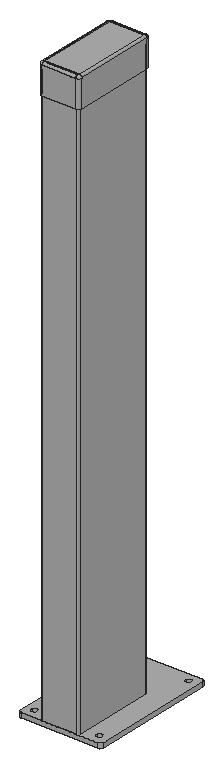
Revit family "Endestolpe bunnplate_venstre", category Balusters, Revit 2019
Family settings
  OmniClass Number = 23.30.80.11.11.14
  OmniClass Title = Posts, Newel Posts, Pickets
  Always vertical = Yes
  Cut with Voids When Loaded = No
  Shared = No
Parameters (values of type "Endestolpe bunnplate_venstre")
  built-in parameter 1008623 [instance] = (empty or 0)
  built-in parameter 1008625 [instance] = (empty or 0)
  Post = no
  Material = Stål 316
  built-in parameter 1008624 [instance] = (empty or 0)
  built-in parameter 1008622 [instance] = 750 mm
Types (2, lengths in mm): name | Material
  Endestolpe bunnplate_venstre | Stål 316
  Endestolpe bunnplate_venstre_sort | Pulverlakkert stål RAL 7021
Reference planes
  plane 1 "Center (Front/Back)": y = 0
  plane 2: z = 0
  plane 3 "Center (Left/Right)": x = 0
  plane 4 "Top": z = 750
  plane 5 "Top of Post": z = 1010
Forms (mm)
  Extrusion 1, solid, material "Stål 316" <- "Material"
    sketch origin (0, 37.5, 0) x (1, 0, 0) y (0, 1, 0)
      loop
        arc (-70, -105) -> (-68.536, -108.536) -> (-65, -110) r 5
        line (-65, -110) -> (65, -110)
        arc (65, -110) -> (68.536, -108.536) -> (70, -105) r 5
        line (70, -105) -> (70, 105)
        arc (70, 105) -> (68.536, 108.536) -> (65, 110) r 5
        line (65, 110) -> (28.5, 110) -> (-28.5, 110) -> (-65, 110)
        arc (-65, 110) -> (-68.536, 108.536) -> (-70, 105) r 5
        line (-70, 105) -> (-70, -105)
      loop
        circle (-55, 95) r 5
      loop
        circle (55, 95) r 5
      loop
        circle (55, -95) r 5
      loop
        circle (-55, -95) r 5
    from 0 to 8
  Extrusion 2, solid, material "Stål 316" <- "Material"
    sketch origin (0, 37.5, 0) x (1, 0, 0) y (0, 1, 0)
      loop
        arc (-32, -106.5) -> (-30.975, -108.975) -> (-28.5, -110) r 3.5
        line (-28.5, -110) -> (28.5, -110)
        arc (28.5, -110) -> (30.975, -108.975) -> (32, -106.5) r 3.5
        line (32, -106.5) -> (32, 31.5)
        arc (32, 31.5) -> (30.975, 33.975) -> (28.5, 35) r 3.5
        line (28.5, 35) -> (16.5, 35)
        arc (16.5, 35) -> (14.025, 33.975) -> (13, 31.5) r 3.5
        line (13, 31.5) -> (13, -0.5)
        arc (13, -0.5) -> (12.561, -1.561) -> (11.5, -2) r 1.5
        line (11.5, -2) -> (-11.5, -2)
        arc (-11.5, -2) -> (-12.561, -1.561) -> (-13, -0.5) r 1.5
        line (-13, -0.5) -> (-13, 31.5)
        arc (-13, 31.5) -> (-14.025, 33.975) -> (-16.5, 35) r 3.5
        line (-16.5, 35) -> (-28.5, 35)
        arc (-28.5, 35) -> (-30.975, 33.975) -> (-32, 31.5) r 3.5
        line (-32, 31.5) -> (-32, -106.5)
      loop
        line (-30, 31.5) -> (-30, -106.5)
        arc (-30, -106.5) -> (-29.561, -107.561) -> (-28.5, -108) r 1.5
        line (-28.5, -108) -> (28.5, -108)
        arc (28.5, -108) -> (29.561, -107.561) -> (30, -106.5) r 1.5
        line (30, -106.5) -> (30, 31.5)
        arc (30, 31.5) -> (29.561, 32.561) -> (28.5, 33) r 1.5
        line (28.5, 33) -> (16.5, 33)
        arc (16.5, 33) -> (15.439, 32.561) -> (15, 31.5) r 1.5
        line (15, 31.5) -> (15, -0.5)
        arc (15, -0.5) -> (13.975, -2.975) -> (11.5, -4) r 3.5
        line (11.5, -4) -> (-11.5, -4)
        arc (-11.5, -4) -> (-13.975, -2.975) -> (-15, -0.5) r 3.5
        line (-15, -0.5) -> (-15, 31.5)
        arc (-15, 31.5) -> (-15.439, 32.561) -> (-16.5, 33) r 1.5
        line (-16.5, 33) -> (-28.5, 33)
        arc (-28.5, 33) -> (-29.561, 32.561) -> (-30, 31.5) r 1.5
    from 8 to 1008
  Extrusion 3, solid, material "Stål 316" <- "Material"
    sketch origin (0, 0, 0) x (-1, 0, 0) y (0, -1, 0)
      loop
        arc (-32, 69) -> (-30.975, 71.475) -> (-28.5, 72.5) r 3.5
        line (-28.5, 72.5) -> (28.5, 72.5)
        arc (28.5, 72.5) -> (30.975, 71.475) -> (32, 69) r 3.5
        line (32, 69) -> (32, -69)
        arc (32, -69) -> (30.975, -71.475) -> (28.5, -72.5) r 3.5
        line (28.5, -72.5) -> (13, -72.5) -> (13, -74.5) -> (28.5, -74.5)
        arc (28.5, -74.5) -> (32.389, -72.889) -> (34, -69) r 5.5
        line (34, -69) -> (34, 69)
        arc (34, 69) -> (32.389, 72.889) -> (28.5, 74.5) r 5.5
        line (28.5, 74.5) -> (-28.5, 74.5)
        arc (-28.5, 74.5) -> (-32.389, 72.889) -> (-34, 69) r 5.5
        line (-34, 69) -> (-34, -69)
        arc (-34, -69) -> (-32.389, -72.889) -> (-28.5, -74.5) r 5.5
        line (-28.5, -74.5) -> (-13, -74.5) -> (-13, -72.5) -> (-28.5, -72.5)
        arc (-28.5, -72.5) -> (-30.975, -71.475) -> (-32, -69) r 3.5
        line (-32, -69) -> (-32, 69)
    from 960 to 1006
  Extrusion 4, solid, material "Stål 316" <- "Material"
    sketch origin (0, 69, 0) x (1, 0, 0) y (0, 0, 1)
      loop
        arc (-30, 1010) -> (-32.828, 1008.828) -> (-34, 1006) r 4
        line (-34, 1006) -> (-32, 1006)
        arc (-32, 1006) -> (-31.414, 1007.414) -> (-30, 1008) r 2
        line (-30, 1008) -> (30, 1008)
        arc (30, 1008) -> (31.414, 1007.414) -> (32, 1006) r 2
        line (32, 1006) -> (34, 1006)
        arc (34, 1006) -> (32.828, 1008.828) -> (30, 1010) r 4
        line (30, 1010) -> (-30, 1010)
    from 0 to 138
  Revolve 5, solid, material "Stål 316" <- "Material"
    sketch origin (0, 69, 0) x (1, 0, 0) y (0, 0, 1)
      loop
        line (28.5, 1006) -> (34, 1006)
        arc (34, 1006) -> (32.828, 1008.828) -> (30, 1010) r 4
        line (30, 1010) -> (28.5, 1010) -> (28.5, 1006)
      axis (28.5, 1006) -> (28.5, 1010)
    angle from 0 to 90
  Revolve 6, solid, material "Stål 316" <- "Material"
    sketch origin (0, 69, 0) x (-1, 0, 0) y (0, 0, -1)
      loop
        line (28.5, -1006) -> (28.5, -1010) -> (30, -1010)
        arc (30, -1010) -> (32.828, -1008.828) -> (34, -1006) r 4
        line (34, -1006) -> (28.5, -1006)
      axis (28.5, -1006) -> (28.5, -1010)
    angle from 0 to 90
  Revolve 7, solid, material "Stål 316" <- "Material"
    sketch origin (0, -69, 0) x (1, 0, 0) y (0, 0, -1)
      loop
        line (28.5, -1006) -> (28.5, -1010) -> (30, -1010)
        arc (30, -1010) -> (32.828, -1008.828) -> (34, -1006) r 4
        line (34, -1006) -> (28.5, -1006)
      axis (28.5, -1006) -> (28.5, -1010)
    angle from 0 to 90
  Revolve 8, solid, material "Stål 316" <- "Material"
    sketch origin (0, -69, 0) x (-1, 0, 0) y (0, 0, 1)
      loop
        line (28.5, 1006) -> (34, 1006)
        arc (34, 1006) -> (32.828, 1008.828) -> (30, 1010) r 4
        line (30, 1010) -> (28.5, 1010) -> (28.5, 1006)
      axis (28.5, 1006) -> (28.5, 1010)
    angle from 0 to 90
  Extrusion 9, solid, material "Stål 316" <- "Material"
    sketch origin (28.5, 69, 1006) x (0, 0, 1) y (0, 1, 0)
      loop
        arc (4, 1.5) -> (2.828, 4.328) -> (0, 5.5) r 4
        line (0, 5.5) -> (0, 0) -> (4, 0) -> (4, 1.5)
    from 0 to 57
  Extrusion 10, solid, material "Stål 316" <- "Material"
    sketch origin (28.5, -69, 1006) x (0, 0, 1) y (0, 1, 0)
      loop
        line (4, -1.5) -> (4, 0) -> (0, 0) -> (0, -5.5)
        arc (0, -5.5) -> (2.828, -4.328) -> (4, -1.5) r 4
    from 0 to 57
  Extrusion 11, solid, material "Stål 316" <- "Material", not visible
    sketch origin (0, 0, 0) x (1, 0, 0) y (0, 1, 0)
      loop
        arc (-32, 69) -> (-30.975, 71.475) -> (-28.5, 72.5) r 3.5
        line (-28.5, 72.5) -> (28.5, 72.5)
        arc (28.5, 72.5) -> (30.975, 71.475) -> (32, 69) r 3.5
        line (32, 69) -> (32, -69)
        arc (32, -69) -> (30.975, -71.475) -> (28.5, -72.5) r 3.5
        line (28.5, -72.5) -> (13, -72.5) -> (13, -74.5) -> (28.5, -74.5)
        arc (28.5, -74.5) -> (32.389, -72.889) -> (34, -69) r 5.5
        line (34, -69) -> (34, 69)
        arc (34, 69) -> (32.389, 72.889) -> (28.5, 74.5) r 5.5
        line (28.5, 74.5) -> (-28.5, 74.5)
        arc (-28.5, 74.5) -> (-32.389, 72.889) -> (-34, 69) r 5.5
        line (-34, 69) -> (-34, -69)
        arc (-34, -69) -> (-32.389, -72.889) -> (-28.5, -74.5) r 5.5
        line (-28.5, -74.5) -> (-13, -74.5) -> (-13, -72.5) -> (-28.5, -72.5)
        arc (-28.5, -72.5) -> (-30.975, -71.475) -> (-32, -69) r 3.5
        line (-32, -69) -> (-32, 69)
    from 960 to 1006
  Extrusion 12, solid, material "Stål 316" <- "Material", not visible
    sketch origin (0, -69, 0) x (-1, 0, 0) y (0, 0, 1)
      loop
        arc (-30, 1010) -> (-32.828, 1008.828) -> (-34, 1006) r 4
        line (-34, 1006) -> (-32, 1006)
        arc (-32, 1006) -> (-31.414, 1007.414) -> (-30, 1008) r 2
        line (-30, 1008) -> (30, 1008)
        arc (30, 1008) -> (31.414, 1007.414) -> (32, 1006) r 2
        line (32, 1006) -> (34, 1006)
        arc (34, 1006) -> (32.828, 1008.828) -> (30, 1010) r 4
        line (30, 1010) -> (-30, 1010)
    from 0 to 138
  Revolve 13, solid, material "Stål 316" <- "Material", not visible
    sketch origin (0, -69, 0) x (-1, 0, 0) y (0, 0, 1)
      loop
        line (28.5, 1006) -> (34, 1006)
        arc (34, 1006) -> (32.828, 1008.828) -> (30, 1010) r 4
        line (30, 1010) -> (28.5, 1010) -> (28.5, 1006)
      axis (28.5, 1006) -> (28.5, 1010)
    angle from 0 to 90
  Revolve 14, solid, material "Stål 316" <- "Material", not visible
    sketch origin (0, -69, 0) x (1, 0, 0) y (0, 0, -1)
      loop
        line (28.5, -1006) -> (28.5, -1010) -> (30, -1010)
        arc (30, -1010) -> (32.828, -1008.828) -> (34, -1006) r 4
        line (34, -1006) -> (28.5, -1006)
      axis (28.5, -1006) -> (28.5, -1010)
    angle from 0 to 90
  Revolve 15, solid, material "Stål 316" <- "Material", not visible
    sketch origin (0, 69, 0) x (-1, 0, 0) y (0, 0, -1)
      loop
        line (28.5, -1006) -> (28.5, -1010) -> (30, -1010)
        arc (30, -1010) -> (32.828, -1008.828) -> (34, -1006) r 4
        line (34, -1006) -> (28.5, -1006)
      axis (28.5, -1006) -> (28.5, -1010)
    angle from 0 to 90
  Revolve 16, solid, material "Stål 316" <- "Material", not visible
    sketch origin (0, 69, 0) x (1, 0, 0) y (0, 0, 1)
      loop
        line (28.5, 1006) -> (34, 1006)
        arc (34, 1006) -> (32.828, 1008.828) -> (30, 1010) r 4
        line (30, 1010) -> (28.5, 1010) -> (28.5, 1006)
      axis (28.5, 1006) -> (28.5, 1010)
    angle from 0 to 90
  Extrusion 17, solid, material "Stål 316" <- "Material", not visible
    sketch origin (-28.5, -69, 1006) x (0, 0, 1) y (0, -1, 0)
      loop
        arc (4, 1.5) -> (2.828, 4.328) -> (0, 5.5) r 4
        line (0, 5.5) -> (0, 0) -> (4, 0) -> (4, 1.5)
    from 0 to 57
  Extrusion 18, solid, material "Stål 316" <- "Material", not visible
    sketch origin (-28.5, 69, 1006) x (0, 0, 1) y (0, -1, 0)
      loop
        line (4, -1.5) -> (4, 0) -> (0, 0) -> (0, -5.5)
        arc (0, -5.5) -> (2.828, -4.328) -> (4, -1.5) r 4
    from 0 to 57
Lines and regions (mm)
  model lines
    curve 1: line (-28.5, -69, 1010) -> (-28.5, 69, 1010)
    curve 2: line (28.5, -69, 1010) -> (28.5, 69, 1010)
  model lines, not visible
    curve 3: line (28.5, 69, 1010) -> (28.5, -69, 1010)
    curve 4: line (-28.5, 69, 1010) -> (-28.5, -69, 1010)
Text (mm)
  text "Baluster Post Elevation" at (0, 664.106, 1146.454), in view "Left"
Dimensions and locks
  "built-in parameter 1008622": plane 2 to plane 4 "Top"
  plane 5 "Top of Post" to level = 1010 mm
  aligned and locked: plane 2 to level
  aligned and locked: Extrusion 3 to Extrusion 4
  aligned and locked: Extrusion 9 to Revolve 6
  aligned and locked: Revolve 5 to Extrusion 9
  aligned and locked: Revolve 8 to Extrusion 10
  aligned and locked: Revolve 7 to Extrusion 10
  aligned and locked: Extrusion 10 to plane 5 "Top of Post"
  aligned and locked: Extrusion 2 to Extrusion 4
Automatic sketch dimensions
  Extrusion 1 sketch curve to plane 3 "Center (Left/Right)" = 70 mm
  Extrusion 1 sketch curve to Extrusion 1 sketch curve = 5 mm  (x3)
  Extrusion 1 sketch curve to Extrusion 1 sketch curve = 10 mm  (x7)
  Extrusion 1 sketch curve to plane 3 "Center (Left/Right)" = 28.5 mm
  plane 3 "Center (Left/Right)" to Extrusion 1 sketch curve = 28.5 mm
  plane 3 "Center (Left/Right)" to Extrusion 1 sketch curve = 55 mm
  Extrusion 1 sketch curve to Extrusion 1 sketch curve = 26.5 mm
  plane 1 "Center (Front/Back)" to Extrusion 1 sketch curve = 72.5 mm
  Extrusion 1 sketch curve to plane 1 "Center (Front/Back)" = 132.5 mm  (x2)
  Extrusion 2 sketch curve to Extrusion 2 sketch curve = 0 mm  (x16)
  plane 3 "Center (Left/Right)" to Extrusion 2 sketch curve = 32 mm
  Extrusion 2 sketch curve to Extrusion 2 sketch curve = 2 mm
  Extrusion 2 sketch curve to Extrusion 2 sketch curve = 1.5 mm  (x5)
  Extrusion 2 sketch curve to Extrusion 2 sketch curve = 12 mm  (x2)
  plane 1 "Center (Front/Back)" to Extrusion 2 sketch curve = 37 mm
  plane 3 "Center (Left/Right)" to Extrusion 2 sketch curve = 15 mm
  Extrusion 2 sketch curve to plane 3 "Center (Left/Right)" = 11.5 mm
  Extrusion 2 sketch curve to plane 3 "Center (Left/Right)" = 13 mm
  Extrusion 2 sketch curve to plane 3 "Center (Left/Right)" = 28.5 mm
  plane 1 "Center (Front/Back)" to Extrusion 2 sketch curve = 69 mm  (x2)
  Extrusion 2 sketch curve to Extrusion 2 sketch curve = 102.5 mm
  Extrusion 3 sketch curve to Extrusion 3 sketch curve = 0 mm  (x18)
  Extrusion 3 sketch curve to Extrusion 3 sketch curve = 3.5 mm  (x3)
  Extrusion 3 sketch curve to Extrusion 3 sketch curve = 15.5 mm  (x2)
  Extrusion 3 sketch curve to Extrusion 3 sketch curve = 2 mm
  Extrusion 4 sketch curve to Extrusion 4 sketch curve = 0 mm  (x7)
  Extrusion 4 sketch curve to Extrusion 4 sketch curve = 2 mm  (x3)
  Revolve 5 sketch curve to Revolve 5 sketch curve = 1.5 mm
  Revolve 5 sketch curve to Revolve 5 sketch curve = 4 mm
  Revolve 5 sketch curve to Revolve 5 sketch curve = 0 mm  (x3)
  Revolve 6 sketch curve to Revolve 6 sketch curve = 1.5 mm
  Revolve 6 sketch curve to Revolve 6 sketch curve = 4 mm
  Revolve 6 sketch curve to Revolve 6 sketch curve = 0 mm  (x3)
  Revolve 7 sketch curve to Revolve 7 sketch curve = 1.5 mm
  Revolve 7 sketch curve to Revolve 7 sketch curve = 4 mm
  Revolve 7 sketch curve to Revolve 7 sketch curve = 0 mm  (x3)
  Revolve 8 sketch curve to Revolve 8 sketch curve = 1.5 mm
  Revolve 8 sketch curve to Revolve 8 sketch curve = 4 mm
  Revolve 8 sketch curve to Revolve 8 sketch curve = 0 mm  (x3)
  Extrusion 9 sketch curve to Revolve 5 = 0 mm
  Revolve 5 to Extrusion 10 sketch curve = 0 mm  (x2)
  Extrusion 10 sketch curve to Revolve 5 = 143.5 mm
  Extrusion 10 sketch curve to Extrusion 10 sketch curve = 1.5 mm
  Extrusion 3 sketch curve to Extrusion 3 sketch curve = 26 mm
  Extrusion 3 sketch curve to Extrusion 3 sketch curve = 138 mm
  Extrusion 4 sketch curve to Extrusion 4 sketch curve = 60 mm
  Extrusion 11 sketch curve to Extrusion 11 sketch curve = 0 mm  (x18)
  Extrusion 11 sketch curve to Extrusion 11 sketch curve = 3.5 mm  (x3)
  Extrusion 11 sketch curve to Extrusion 11 sketch curve = 15.5 mm  (x2)
  Extrusion 11 sketch curve to Extrusion 11 sketch curve = 2 mm
  Extrusion 12 sketch curve to Extrusion 12 sketch curve = 0 mm  (x7)
  Extrusion 12 sketch curve to Extrusion 12 sketch curve = 2 mm  (x3)
  Revolve 13 sketch curve to Revolve 13 sketch curve = 1.5 mm
  Revolve 13 sketch curve to Revolve 13 sketch curve = 4 mm
  Revolve 13 sketch curve to Revolve 13 sketch curve = 0 mm  (x3)
  Revolve 14 sketch curve to Revolve 14 sketch curve = 1.5 mm
  Revolve 14 sketch curve to Revolve 14 sketch curve = 4 mm
  Revolve 14 sketch curve to Revolve 14 sketch curve = 0 mm  (x3)
  Revolve 15 sketch curve to Revolve 15 sketch curve = 1.5 mm
  Revolve 15 sketch curve to Revolve 15 sketch curve = 4 mm
  Revolve 15 sketch curve to Revolve 15 sketch curve = 0 mm  (x3)
  Revolve 16 sketch curve to Revolve 16 sketch curve = 1.5 mm
  Revolve 16 sketch curve to Revolve 16 sketch curve = 4 mm
  Revolve 16 sketch curve to Revolve 16 sketch curve = 0 mm  (x3)
  Extrusion 17 sketch curve to Revolve 13 = 0 mm
  Revolve 13 to Extrusion 18 sketch curve = 0 mm  (x2)
  Extrusion 18 sketch curve to Revolve 13 = 143.5 mm
  Extrusion 18 sketch curve to Extrusion 18 sketch curve = 1.5 mm
  Extrusion 11 sketch curve to Extrusion 11 sketch curve = 26 mm
  Extrusion 11 sketch curve to Extrusion 11 sketch curve = 138 mm
  Extrusion 12 sketch curve to Extrusion 12 sketch curve = 60 mm
  radius of Extrusion 1 sketch curve = 5 mm  (x4)
  radius of Extrusion 9 sketch curve to Revolve 5 = 0 mm
  radius of Extrusion 17 sketch curve to Revolve 13 = 0 mm
